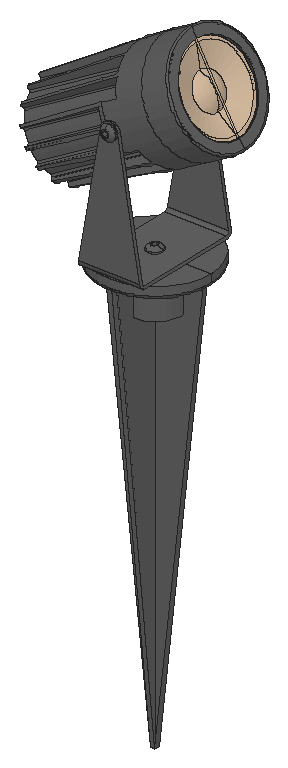
Revit family "STH7702_30", category Luminárias, Revit 2023
Family settings
  Cota do conector redondo = Utilizar diâmetro
  Tipo de parte = Normal
  Com base no plano de trabalho = Não
  Sempre na vertical = Sim
  Corte com vazios quando carregada = Não
  Fonte luminosa = Sim
  Manter orientação da anotação = Não
  Compartilhado = Não
  Ponto de cálculo do ambiente = Não
Parameters (values of type "STH7702/30 - BIVOLT")
  Ângulo de inclinação = -180.00°
  Ângulo de Abertura = "25°"
  Wattage = 1.00982 W
  Vidro = Vidro
  URL = "https://stella.com.br/"
  Troca de temperatura da cor de lâmpada com esmaecimento = <Nenhum>
  Tensão Elétrica = "100V-240V"
  built-in parameter 1150107 = 3000 (stored number, unit not read)
  Temperatura da cor (K) = 3000 K
  Referência = "STH7702/30"
  Potência = 3 W
  built-in parameter 1150110 = 1 (stored number, unit not read)
  built-in parameter 1150109 = 1 (stored number, unit not read)
  built-in parameter 1114218 = 1 (stored number, unit not read)
  built-in parameter 1150112 = 1 (stored number, unit not read)
  built-in parameter 1150113 = 1 (stored number, unit not read)
  built-in parameter 1150132 = 2
  built-in parameter 1150137 = (empty or 0)
  Modelo = "Focco"
  Luminoso = Luminoso - 3000K
  built-in parameter 1150106 = 3.3337 (stored number, unit not read)
  built-in parameter 1150102 = (empty or 0)
  built-in parameter 1150105 = 333.37 (stored number, unit not read)
  IRC (Índice de reprodução de cores) = ">80"
  Grau de proteção (IP) = "IP67"
  Fluxo Luminoso = 150 lm
  Color Filter = 16777215
  built-in parameter 1114217 = 1 (stored number, unit not read)
  built-in parameter 1150139 = (empty or 0)
  Fabricante = "Stella"
  Estrutura = Al - Preto
  Default Elevation = 0.00 m
  built-in parameter 1150104 = 13.8 (stored number, unit not read)
  Diâmetro do Spot = 0.04 m
  Dimerização = "Não dimerizável"
  built-in parameter 1150115 = 1 (stored number, unit not read)
  built-in parameter 1150114 = 1 (stored number, unit not read)
  Lumens = 150 lm
  built-in parameter 1150138 = (empty or 0)
  built-in parameter 1150134 = (empty or 0)
  Comprimento do Spot = 0.066 m
  Arquivo de rede fotométrica = "STELLA - STH7702-30 - FOCCO 3W.ies"
  Altura do espeto = 0.23 m
  built-in parameter 1150133 = 10 (stored number, unit not read)
Reference planes (m)
  plane 1 "Centro (Frente/Trás)": y = 0
  plane 2: z = 0.002924
  plane 3 "Centro (Esquerda/Direita)": x = 0
  plane 4: x = 0.0271
  plane 5: x = -0.0389
  plane 6: z = -0.157076
  plane 7: z = 0.072924
  plane 8 "Conector": z = 0.032924
  plane 9: y = 0.02
  plane 10: y = -0.02
Forms (m)
  Extrusion 1, solid, material "Al - Preto" <- "Estrutura"
    sketch origin (0, 0, 0) x (1, 0, 0) y (0, 0, 1)
      loop
        line (-0.01875, 0.002924) -> (-0.00075, -0.157076) -> (0.00075, -0.157076) -> (0.01875, 0.002924) -> (-0.01875, 0.002924)
    from -0.00075 to 0.00075
  Extrusion 2, solid, material "Al - Preto" <- "Estrutura"
    sketch origin (0, 0, 0) x (0, -1, 0) y (0, 0, 1)
      loop
        line (-0.01875, 0.002924) -> (-0.00075, -0.157076) -> (0.00075, -0.157076) -> (0.01875, 0.002924) -> (-0.01875, 0.002924)
    from -0.00075 to 0.00075
  Revolve 3, solid, material "Al - Preto" <- "Estrutura"
    sketch origin (-0.130451, 0, 0) x (1, 0, 0) y (0, 0, 1)
      loop
        arc (0.150451, 0.002924) -> (0.151158, 0.003217) -> (0.151451, 0.003924) r 0.001
        line (0.151451, 0.003924) -> (0.151451, 0.006924) -> (0.130451, 0.006924) -> (0.130451, 0.002924) -> (0.150451, 0.002924)
      axis (0.130451, 0.006924) -> (0.130451, 0.002924)
    angle from 0 to 360
  Extrusion 4, solid, material "Al - Preto" <- "Estrutura"
    sketch origin (0, 0, 0) x (0, 1, 0) y (0, 0, 1)
      loop
        line (0.021, 0.059424) -> (0.0202, 0.059424) -> (0.0202, 0.008924)
        arc (0.0202, 0.008924) -> (0.019849, 0.008076) -> (0.019, 0.007724) r 0.0012
        line (0.019, 0.007724) -> (-0.019, 0.007724)
        arc (-0.019, 0.007724) -> (-0.019849, 0.008076) -> (-0.0202, 0.008924) r 0.0012
        line (-0.0202, 0.008924) -> (-0.0202, 0.059424) -> (-0.021, 0.059424) -> (-0.021, 0.008924)
        arc (-0.021, 0.008924) -> (-0.020414, 0.00751) -> (-0.019, 0.006924) r 0.002
        line (-0.019, 0.006924) -> (0.019, 0.006924)
        arc (0.019, 0.006924) -> (0.020414, 0.00751) -> (0.021, 0.008924) r 0.002
        line (0.021, 0.008924) -> (0.021, 0.059424)
    from -0.013 to 0.013
  Extrusion 5, void
    sketch origin (0, 0, 0) x (1, 0, 0) y (0, 0, 1)
      loop
        line (0.003253, 0.056178) -> (0.011646, 0.006924) -> (0.014146, 0.006924) -> (0.014146, 0.06041) -> (-0.014146, 0.06041) -> (-0.014146, 0.006924) -> (-0.011646, 0.006924) -> (-0.003253, 0.056178)
        arc (-0.003253, 0.056178) -> (0, 0.058924) -> (0.003253, 0.056178) r 0.0033
      loop
        circle (0, 0.055624) r 0.0015
    from -0.021 to 0.021
  Revolve 6, solid, material "Al - Preto" <- "Estrutura"
    sketch origin (0, 0, 0) x (1, 0, 0) y (0, 0, 1)
      loop
        line (0, 0.002924) -> (0, -0.014288) -> (0.010974, -0.010076) -> (0.010974, 0.002924) -> (0, 0.002924)
      axis (0, 0.002924) -> (0, -0.014288)
    angle from 0 to 360
  Revolve 7, solid, material "Al - Preto" <- "Estrutura"
    sketch origin (0.027811, 0, 0.007452) x (0.866025, 0, 0.5) y (-0.5, 0, 0.866025)
      loop
        line (-0.0389, 0.055625) -> (0.014, 0.055625) -> (0.014, 0.073618)
        arc (0.014, 0.073618) -> (0.014966, 0.073622) -> (0.015931, 0.073624) r 0.320198
        line (0.015931, 0.073624) -> (0.0241, 0.073624) -> (0.0241, 0.071624) -> (0.0271, 0.071624) -> (0.0271, 0.07504)
        arc (0.0271, 0.07504) -> (0.026929, 0.075454) -> (0.026515, 0.075625) r 0.000585
        line (0.026515, 0.075625) -> (0.016, 0.075625)
        arc (0.016, 0.075625) -> (0.00729, 0.075507) -> (-0.001413, 0.075154) r 0.322173
        line (-0.001413, 0.075154) -> (-0.038368, 0.073153)
        arc (-0.038368, 0.073153) -> (-0.038746, 0.072979) -> (-0.0389, 0.072592) r 0.000562
        line (-0.0389, 0.072592) -> (-0.0389, 0.055625)
      axis (0.0271, 0.055625) -> (-0.0389, 0.055625)
    angle from 0 to 360
  Revolve 8, solid, material "Luminoso - 3000K" <- "Luminoso"
    sketch origin (0.027811, 0, 0.007452) x (0.866025, 0, 0.5) y (-0.5, 0, 0.866025)
      loop
        arc (0.025688, 0.055625) -> (0.024913, 0.059238) -> (0.022994, 0.062396) r 0.011088
        line (0.022994, 0.062396) -> (0.02615, 0.070363) -> (0.02615, 0.071624) -> (0.025334, 0.071624) -> (0.025334, 0.070709) -> (0.014613, 0.062864) -> (0.014613, 0.059156) -> (0.019557, 0.059156) -> (0.019557, 0.055625) -> (0.025688, 0.055625)
      axis (0.014613, 0.055625) -> (0.02615, 0.055625)
    angle from 0 to 360
  Revolve 9, solid, material "Vidro" <- "Vidro"
    sketch origin (0.027811, 0, 0.007452) x (0.866025, 0, 0.5) y (-0.5, 0, 0.866025)
      loop
        line (0.027, 0.071573) -> (0.0262, 0.071573) -> (0.0262, 0.055625) -> (0.027, 0.055625) -> (0.027, 0.071573)
      axis (0.0262, 0.055625) -> (0.0272, 0.055625)
    angle from 0 to 360
  Extrusion 10, void
    sketch origin (0.027204, 0.011565, 0.008503) x (-0.103956, 0.978148, 0.180057) y (-0.489074, -0.207912, 0.847101)
      loop
        line (0.002752, 0.071412) -> (0.003597, 0.076124)
        arc (0.003597, 0.076124) -> (0.000174, 0.076422) -> (-0.003251, 0.076155) r 0.020913
        line (-0.003251, 0.076155) -> (-0.002436, 0.071437)
        arc (-0.002436, 0.071437) -> (-0.002165, 0.071108) -> (-0.001757, 0.070986) r 0.000728
        arc (-0.001757, 0.070986) -> (0.000157, 0.071089) -> (0.002067, 0.070947) r 0.015
        arc (0.002067, 0.070947) -> (0.002482, 0.071073) -> (0.002752, 0.071412) r 0.000728
      loop
        line (-0.003321, 0.071302) -> (-0.00429, 0.07599)
        arc (-0.00429, 0.07599) -> (-0.007578, 0.074993) -> (-0.010658, 0.073471) r 0.020913
        line (-0.010658, 0.073471) -> (-0.008146, 0.069395)
        arc (-0.008146, 0.069395) -> (-0.007772, 0.069189) -> (-0.007347, 0.069229) r 0.000728
        arc (-0.007347, 0.069229) -> (-0.00561, 0.070036) -> (-0.003783, 0.070615) r 0.015
        arc (-0.003783, 0.070615) -> (-0.003445, 0.070887) -> (-0.003321, 0.071302) r 0.000728
      loop
        line (-0.008934, 0.068928) -> (-0.011584, 0.072915)
        arc (-0.011584, 0.072915) -> (-0.014261, 0.070762) -> (-0.01655, 0.0682) r 0.020913
        line (-0.01655, 0.0682) -> (-0.012698, 0.065357)
        arc (-0.012698, 0.065357) -> (-0.012274, 0.065307) -> (-0.011895, 0.065501) r 0.000728
        arc (-0.011895, 0.065501) -> (-0.010585, 0.066899) -> (-0.009107, 0.068119) r 0.015
        arc (-0.009107, 0.068119) -> (-0.008894, 0.068496) -> (-0.008934, 0.068928) r 0.000728
      loop
        line (0.008425, 0.069256) -> (0.010962, 0.073316)
        arc (0.010962, 0.073316) -> (0.007896, 0.074865) -> (0.004617, 0.075892) r 0.020913
        line (0.004617, 0.075892) -> (0.003619, 0.071209)
        arc (0.003619, 0.071209) -> (0.003747, 0.070802) -> (0.004082, 0.070537) r 0.000728
        arc (0.004082, 0.070537) -> (0.005896, 0.069921) -> (0.007617, 0.069079) r 0.015
        arc (0.007617, 0.069079) -> (0.008048, 0.069042) -> (0.008425, 0.069256) r 0.000728
      loop
        line (0.012942, 0.065075) -> (0.016822, 0.067879)
        arc (0.016822, 0.067879) -> (0.014565, 0.07047) -> (0.011916, 0.072657) r 0.020913
        line (0.011916, 0.072657) -> (0.009226, 0.068695)
        arc (0.009226, 0.068695) -> (0.009192, 0.06827) -> (0.009402, 0.067899) r 0.000728
        arc (0.009402, 0.067899) -> (0.01085, 0.066644) -> (0.012126, 0.065216) r 0.015
        arc (0.012126, 0.065216) -> (0.012512, 0.065018) -> (0.012942, 0.065075) r 0.000728
      loop
        line (0.015532, 0.059566) -> (0.020178, 0.060721)
        arc (0.020178, 0.060721) -> (0.019051, 0.063966) -> (0.017408, 0.066983) r 0.020913
        line (0.017408, 0.066983) -> (0.013435, 0.064311)
        arc (0.013435, 0.064311) -> (0.013245, 0.06393) -> (0.013301, 0.063507) r 0.000728
        arc (0.013301, 0.063507) -> (0.014177, 0.061803) -> (0.014828, 0.060001) r 0.015
        arc (0.014828, 0.060001) -> (0.015112, 0.059674) -> (0.015532, 0.059566) r 0.000728
      loop
        line (0.009509, 0.042728) -> (0.012331, 0.038861)
        arc (0.012331, 0.038861) -> (0.014912, 0.041129) -> (0.017086, 0.043789) r 0.020913
        line (0.017086, 0.043789) -> (0.013113, 0.04646)
        arc (0.013113, 0.04646) -> (0.012687, 0.046492) -> (0.012317, 0.046281) r 0.000728
        arc (0.012317, 0.046281) -> (0.011069, 0.044827) -> (0.009646, 0.043544) r 0.015
        arc (0.009646, 0.043544) -> (0.00945, 0.043157) -> (0.009509, 0.042728) r 0.000728
      loop
        line (0.00369, 0.040032) -> (0.004769, 0.035368)
        arc (0.004769, 0.035368) -> (0.008033, 0.036443) -> (0.011076, 0.038037) r 0.020913
        line (0.011076, 0.038037) -> (0.008468, 0.042052)
        arc (0.008468, 0.042052) -> (0.00809, 0.042249) -> (0.007666, 0.0422) r 0.000728
        arc (0.007666, 0.0422) -> (0.005948, 0.041351) -> (0.004136, 0.040729) r 0.015
        arc (0.004136, 0.040729) -> (0.003804, 0.04045) -> (0.00369, 0.040032) r 0.000728
      loop
        line (-0.002751, 0.039839) -> (-0.003596, 0.035127)
        arc (-0.003596, 0.035127) -> (-0.000173, 0.034829) -> (0.003252, 0.035096) r 0.020913
        line (0.003252, 0.035096) -> (0.002437, 0.039814)
        arc (0.002437, 0.039814) -> (0.002166, 0.040144) -> (0.001757, 0.040265) r 0.000728
        arc (0.001757, 0.040265) -> (-0.000156, 0.040162) -> (-0.002067, 0.040304) r 0.015
        arc (-0.002067, 0.040304) -> (-0.002481, 0.040178) -> (-0.002751, 0.039839) r 0.000728
      loop
        line (-0.008747, 0.042199) -> (-0.01138, 0.038201)
        arc (-0.01138, 0.038201) -> (-0.008351, 0.036579) -> (-0.005098, 0.035475) r 0.020913
        line (-0.005098, 0.035475) -> (-0.003989, 0.040133)
        arc (-0.003989, 0.040133) -> (-0.004108, 0.040542) -> (-0.004436, 0.040815) r 0.000728
        arc (-0.004436, 0.040815) -> (-0.006235, 0.041474) -> (-0.007935, 0.042357) r 0.015
        arc (-0.007935, 0.042357) -> (-0.008366, 0.042405) -> (-0.008747, 0.042199) r 0.000728
      loop
        line (-0.013311, 0.046704) -> (-0.017301, 0.044058)
        arc (-0.017301, 0.044058) -> (-0.01515, 0.041379) -> (-0.01259, 0.039087) r 0.020913
        line (-0.01259, 0.039087) -> (-0.009744, 0.042937)
        arc (-0.009744, 0.042937) -> (-0.009693, 0.04336) -> (-0.009887, 0.04374) r 0.000728
        arc (-0.009887, 0.04374) -> (-0.011284, 0.045052) -> (-0.012502, 0.04653) r 0.015
        arc (-0.012502, 0.04653) -> (-0.012879, 0.046743) -> (-0.013311, 0.046704) r 0.000728
      loop
        line (-0.015732, 0.05258) -> (-0.020436, 0.051693)
        arc (-0.020436, 0.051693) -> (-0.019497, 0.048388) -> (-0.018029, 0.045282) r 0.020913
        line (-0.018029, 0.045282) -> (-0.01391, 0.047723)
        arc (-0.01391, 0.047723) -> (-0.013698, 0.048093) -> (-0.01373, 0.048518) r 0.000728
        arc (-0.01373, 0.048518) -> (-0.014507, 0.050269) -> (-0.015054, 0.052105) r 0.015
        arc (-0.015054, 0.052105) -> (-0.015319, 0.052448) -> (-0.015732, 0.05258) r 0.000728
    from -0.0389 to 0.0051
  Revolve 11, solid, material "Al - Preto" <- "Estrutura"
    sketch origin (0, 0, -0.022396) x (0, 1, 0) y (0, 0, 1)
      loop
        line (-0.0132, 0.078018) -> (-0.0132, 0.079518) -> (-0.020742, 0.079518) -> (-0.020742, 0.080868) -> (-0.02158, 0.080868)
        arc (-0.02158, 0.080868) -> (-0.022319, 0.080248) -> (-0.02285, 0.079443) r 0.003351
        line (-0.02285, 0.079443) -> (-0.02285, 0.078018) -> (-0.0132, 0.078018)
      axis (-0.0132, 0.078018) -> (-0.02285, 0.078018)
    angle from 0 to 360
  Extrusion 12, void
    sketch origin (0.027204, 0.011565, 0.008503) x (-0.103956, 0.978148, 0.180057) y (-0.489074, -0.207912, 0.847101)
      loop
        line (-0.013285, 0.064586) -> (-0.01724, 0.067283)
        arc (-0.01724, 0.067283) -> (-0.01891, 0.064281) -> (-0.020066, 0.061045) r 0.020913
        line (-0.020066, 0.061045) -> (-0.015427, 0.059862)
        arc (-0.015427, 0.059862) -> (-0.015016, 0.059974) -> (-0.014738, 0.060297) r 0.000728
        arc (-0.014738, 0.060297) -> (-0.01405, 0.062086) -> (-0.01314, 0.063772) r 0.015
        arc (-0.01314, 0.063772) -> (-0.013085, 0.064202) -> (-0.013285, 0.064586) r 0.000728
      loop
        line (0.015864, 0.053364) -> (0.0206, 0.052666)
        arc (0.0206, 0.052666) -> (0.020792, 0.056096) -> (0.020419, 0.059512) r 0.020913
        line (0.020419, 0.059512) -> (0.015729, 0.058551)
        arc (0.015729, 0.058551) -> (0.015407, 0.05827) -> (0.015298, 0.057858) r 0.000728
        arc (0.015298, 0.057858) -> (0.015461, 0.055949) -> (0.015378, 0.054034) r 0.015
        arc (0.015378, 0.054034) -> (0.015517, 0.053624) -> (0.015864, 0.053364) r 0.000728
      loop
        line (0.013775, 0.047438) -> (0.017878, 0.044972)
        arc (0.017878, 0.044972) -> (0.019374, 0.048065) -> (0.020343, 0.051361) r 0.020913
        line (0.020343, 0.051361) -> (0.015644, 0.052277)
        arc (0.015644, 0.052277) -> (0.01524, 0.052142) -> (0.01498, 0.051803) r 0.000728
        arc (0.01498, 0.051803) -> (0.014396, 0.049978) -> (0.013584, 0.048243) r 0.015
        arc (0.013584, 0.048243) -> (0.013554, 0.047811) -> (0.013775, 0.047438) r 0.000728
      loop
        line (-0.015694, 0.058864) -> (-0.020377, 0.059854)
        arc (-0.020377, 0.059854) -> (-0.020781, 0.056442) -> (-0.02062, 0.053011) r 0.020913
        line (-0.02062, 0.053011) -> (-0.015879, 0.053679)
        arc (-0.015879, 0.053679) -> (-0.015542, 0.05394) -> (-0.015407, 0.054344) r 0.000728
        arc (-0.015407, 0.054344) -> (-0.015451, 0.05626) -> (-0.01525, 0.058165) r 0.015
        arc (-0.01525, 0.058165) -> (-0.015363, 0.058584) -> (-0.015694, 0.058864) r 0.000728
    from -0.0389 to -0.003023
  Extrusion 13, void
    sketch origin (0, 0, 0) x (1, 0, 0) y (0, 0, 1)
      loop
        line (-0.000531, 0.056711) -> (-0.001209, 0.055706) -> (-0.000677, 0.054617) -> (0.000531, 0.054533) -> (0.001209, 0.055537) -> (0.000677, 0.056626) -> (-0.000531, 0.056711)
    from 0.021 to 0.023202
  Revolve 14, solid, material "Al - Preto" <- "Estrutura"
    sketch origin (0, 0, -0.022396) x (0, -1, 0) y (0, 0, -1)
      loop
        line (-0.0132, -0.078018) -> (-0.02285, -0.078018) -> (-0.02285, -0.079443)
        arc (-0.02285, -0.079443) -> (-0.022319, -0.080248) -> (-0.02158, -0.080868) r 0.003351
        line (-0.02158, -0.080868) -> (-0.020742, -0.080868) -> (-0.020742, -0.079518) -> (-0.0132, -0.079518) -> (-0.0132, -0.078018)
      axis (-0.0132, -0.078018) -> (-0.02285, -0.078018)
    angle from 0 to 360
  Extrusion 15, void
    sketch origin (0, 0, 0) x (1, 0, 0) y (0, 0, -1)
      loop
        line (-0.000531, -0.056711) -> (0.000677, -0.056626) -> (0.001209, -0.055537) -> (0.000531, -0.054533) -> (-0.000677, -0.054617) -> (-0.001209, -0.055706) -> (-0.000531, -0.056711)
    from 0.021 to 0.023202
  Revolve 16, solid, material "Al - Preto" <- "Estrutura"
    sketch origin (0, 0, 0.0008) x (1, 0, 0) y (0, 0, 1)
      loop
        line (0, 0.008574) -> (0, -0.001076) -> (0.0015, -0.001076) -> (0.0015, 0.006504) -> (0.00285, 0.006504) -> (0.00285, 0.007304)
        arc (0.00285, 0.007304) -> (0.00223, 0.008043) -> (0.001425, 0.008574) r 0.003351
        line (0.001425, 0.008574) -> (0, 0.008574)
      axis (0, 0.008574) -> (0, -0.001076)
    angle from 0 to 360
  Extrusion 17, void
    sketch origin (0, 0, 0.002924) x (1, 0, 0) y (0, 1, 0)
      loop
        line (0.0012, 0) -> (0.0006, 0.001039) -> (-0.0006, 0.001039) -> (-0.0012, 0) -> (-0.0006, -0.001039) -> (0.0006, -0.001039) -> (0.0012, 0)
    from 0.005618 to 0.00645
  Revolve 18, solid, material "Al - Preto" <- "Estrutura", not visible
    sketch origin (0, 0, 0) x (1, 0, 0) y (0, 0, 1)
      loop
        line (-0.0389, 0.055625) -> (0.014, 0.055625) -> (0.014, 0.073618)
        arc (0.014, 0.073618) -> (0.014966, 0.073622) -> (0.015931, 0.073624) r 0.320198
        line (0.015931, 0.073624) -> (0.0241, 0.073624) -> (0.0241, 0.071624) -> (0.0271, 0.071624) -> (0.0271, 0.07504)
        arc (0.0271, 0.07504) -> (0.026929, 0.075454) -> (0.026515, 0.075625) r 0.000585
        line (0.026515, 0.075625) -> (0.016, 0.075625)
        arc (0.016, 0.075625) -> (0.00729, 0.075507) -> (-0.001413, 0.075154) r 0.322173
        line (-0.001413, 0.075154) -> (-0.038368, 0.073153)
        arc (-0.038368, 0.073153) -> (-0.038746, 0.072979) -> (-0.0389, 0.072592) r 0.000562
        line (-0.0389, 0.072592) -> (-0.0389, 0.055625)
      axis (0.0271, 0.055625) -> (-0.0389, 0.055625)
    angle from 0 to 360
  Revolve 19, solid, material "Luminoso - 3000K" <- "Luminoso", not visible
    sketch origin (0, 0, 0) x (1, 0, 0) y (0, 0, 1)
      loop
        arc (0.025688, 0.055625) -> (0.024913, 0.059238) -> (0.022994, 0.062396) r 0.011088
        line (0.022994, 0.062396) -> (0.02615, 0.070363) -> (0.02615, 0.071624) -> (0.025334, 0.071624) -> (0.025334, 0.070709) -> (0.014613, 0.062864) -> (0.014613, 0.059156) -> (0.019557, 0.059156) -> (0.019557, 0.055625) -> (0.025688, 0.055625)
      axis (0.014613, 0.055625) -> (0.02615, 0.055625)
    angle from 0 to 360
  Revolve 20, solid, material "Vidro" <- "Vidro", not visible
    sketch origin (0, 0, 0) x (1, 0, 0) y (0, 0, 1)
      loop
        line (0.027, 0.071573) -> (0.0262, 0.071573) -> (0.0262, 0.055625) -> (0.027, 0.055625) -> (0.027, 0.071573)
      axis (0.0262, 0.055625) -> (0.0272, 0.055625)
    angle from 0 to 360
  Extrusion 21, void, not visible
    sketch origin (0, 0.011565, 0.001213) x (0, 0.978148, 0.207912) y (0, -0.207912, 0.978148)
      loop
        line (0.002752, 0.071412) -> (0.003597, 0.076124)
        arc (0.003597, 0.076124) -> (0.000174, 0.076422) -> (-0.003251, 0.076155) r 0.020913
        line (-0.003251, 0.076155) -> (-0.002436, 0.071437)
        arc (-0.002436, 0.071437) -> (-0.002165, 0.071108) -> (-0.001757, 0.070986) r 0.000728
        arc (-0.001757, 0.070986) -> (0.000157, 0.071089) -> (0.002067, 0.070947) r 0.015
        arc (0.002067, 0.070947) -> (0.002482, 0.071073) -> (0.002752, 0.071412) r 0.000728
      loop
        line (-0.003321, 0.071302) -> (-0.00429, 0.07599)
        arc (-0.00429, 0.07599) -> (-0.007578, 0.074993) -> (-0.010658, 0.073471) r 0.020913
        line (-0.010658, 0.073471) -> (-0.008146, 0.069395)
        arc (-0.008146, 0.069395) -> (-0.007772, 0.069189) -> (-0.007347, 0.069229) r 0.000728
        arc (-0.007347, 0.069229) -> (-0.00561, 0.070036) -> (-0.003783, 0.070615) r 0.015
        arc (-0.003783, 0.070615) -> (-0.003445, 0.070887) -> (-0.003321, 0.071302) r 0.000728
      loop
        line (-0.008934, 0.068928) -> (-0.011584, 0.072915)
        arc (-0.011584, 0.072915) -> (-0.014261, 0.070762) -> (-0.01655, 0.0682) r 0.020913
        line (-0.01655, 0.0682) -> (-0.012698, 0.065357)
        arc (-0.012698, 0.065357) -> (-0.012274, 0.065307) -> (-0.011895, 0.065501) r 0.000728
        arc (-0.011895, 0.065501) -> (-0.010585, 0.066899) -> (-0.009107, 0.068119) r 0.015
        arc (-0.009107, 0.068119) -> (-0.008894, 0.068496) -> (-0.008934, 0.068928) r 0.000728
      loop
        line (0.008425, 0.069256) -> (0.010962, 0.073316)
        arc (0.010962, 0.073316) -> (0.007896, 0.074865) -> (0.004617, 0.075892) r 0.020913
        line (0.004617, 0.075892) -> (0.003619, 0.071209)
        arc (0.003619, 0.071209) -> (0.003747, 0.070802) -> (0.004082, 0.070537) r 0.000728
        arc (0.004082, 0.070537) -> (0.005896, 0.069921) -> (0.007617, 0.069079) r 0.015
        arc (0.007617, 0.069079) -> (0.008048, 0.069042) -> (0.008425, 0.069256) r 0.000728
      loop
        line (0.012942, 0.065075) -> (0.016822, 0.067879)
        arc (0.016822, 0.067879) -> (0.014565, 0.07047) -> (0.011916, 0.072657) r 0.020913
        line (0.011916, 0.072657) -> (0.009226, 0.068695)
        arc (0.009226, 0.068695) -> (0.009192, 0.06827) -> (0.009402, 0.067899) r 0.000728
        arc (0.009402, 0.067899) -> (0.01085, 0.066644) -> (0.012126, 0.065216) r 0.015
        arc (0.012126, 0.065216) -> (0.012512, 0.065018) -> (0.012942, 0.065075) r 0.000728
      loop
        line (0.015532, 0.059566) -> (0.020178, 0.060721)
        arc (0.020178, 0.060721) -> (0.019051, 0.063966) -> (0.017408, 0.066983) r 0.020913
        line (0.017408, 0.066983) -> (0.013435, 0.064311)
        arc (0.013435, 0.064311) -> (0.013245, 0.06393) -> (0.013301, 0.063507) r 0.000728
        arc (0.013301, 0.063507) -> (0.014177, 0.061803) -> (0.014828, 0.060001) r 0.015
        arc (0.014828, 0.060001) -> (0.015112, 0.059674) -> (0.015532, 0.059566) r 0.000728
      loop
        line (0.009509, 0.042728) -> (0.012331, 0.038861)
        arc (0.012331, 0.038861) -> (0.014912, 0.041129) -> (0.017086, 0.043789) r 0.020913
        line (0.017086, 0.043789) -> (0.013113, 0.04646)
        arc (0.013113, 0.04646) -> (0.012687, 0.046492) -> (0.012317, 0.046281) r 0.000728
        arc (0.012317, 0.046281) -> (0.011069, 0.044827) -> (0.009646, 0.043544) r 0.015
        arc (0.009646, 0.043544) -> (0.00945, 0.043157) -> (0.009509, 0.042728) r 0.000728
      loop
        line (0.00369, 0.040032) -> (0.004769, 0.035368)
        arc (0.004769, 0.035368) -> (0.008033, 0.036443) -> (0.011076, 0.038037) r 0.020913
        line (0.011076, 0.038037) -> (0.008468, 0.042052)
        arc (0.008468, 0.042052) -> (0.00809, 0.042249) -> (0.007666, 0.0422) r 0.000728
        arc (0.007666, 0.0422) -> (0.005948, 0.041351) -> (0.004136, 0.040729) r 0.015
        arc (0.004136, 0.040729) -> (0.003804, 0.04045) -> (0.00369, 0.040032) r 0.000728
      loop
        line (-0.002751, 0.039839) -> (-0.003596, 0.035127)
        arc (-0.003596, 0.035127) -> (-0.000173, 0.034829) -> (0.003252, 0.035096) r 0.020913
        line (0.003252, 0.035096) -> (0.002437, 0.039814)
        arc (0.002437, 0.039814) -> (0.002166, 0.040144) -> (0.001757, 0.040265) r 0.000728
        arc (0.001757, 0.040265) -> (-0.000156, 0.040162) -> (-0.002067, 0.040304) r 0.015
        arc (-0.002067, 0.040304) -> (-0.002481, 0.040178) -> (-0.002751, 0.039839) r 0.000728
      loop
        line (-0.008747, 0.042199) -> (-0.01138, 0.038201)
        arc (-0.01138, 0.038201) -> (-0.008351, 0.036579) -> (-0.005098, 0.035475) r 0.020913
        line (-0.005098, 0.035475) -> (-0.003989, 0.040133)
        arc (-0.003989, 0.040133) -> (-0.004108, 0.040542) -> (-0.004436, 0.040815) r 0.000728
        arc (-0.004436, 0.040815) -> (-0.006235, 0.041474) -> (-0.007935, 0.042357) r 0.015
        arc (-0.007935, 0.042357) -> (-0.008366, 0.042405) -> (-0.008747, 0.042199) r 0.000728
      loop
        line (-0.013311, 0.046704) -> (-0.017301, 0.044058)
        arc (-0.017301, 0.044058) -> (-0.01515, 0.041379) -> (-0.01259, 0.039087) r 0.020913
        line (-0.01259, 0.039087) -> (-0.009744, 0.042937)
        arc (-0.009744, 0.042937) -> (-0.009693, 0.04336) -> (-0.009887, 0.04374) r 0.000728
        arc (-0.009887, 0.04374) -> (-0.011284, 0.045052) -> (-0.012502, 0.04653) r 0.015
        arc (-0.012502, 0.04653) -> (-0.012879, 0.046743) -> (-0.013311, 0.046704) r 0.000728
      loop
        line (-0.015732, 0.05258) -> (-0.020436, 0.051693)
        arc (-0.020436, 0.051693) -> (-0.019497, 0.048388) -> (-0.018029, 0.045282) r 0.020913
        line (-0.018029, 0.045282) -> (-0.01391, 0.047723)
        arc (-0.01391, 0.047723) -> (-0.013698, 0.048093) -> (-0.01373, 0.048518) r 0.000728
        arc (-0.01373, 0.048518) -> (-0.014507, 0.050269) -> (-0.015054, 0.052105) r 0.015
        arc (-0.015054, 0.052105) -> (-0.015319, 0.052448) -> (-0.015732, 0.05258) r 0.000728
    from -0.0389 to 0.0051
  Extrusion 22, void, not visible
    sketch origin (0, 0.011565, 0.001213) x (0, 0.978148, 0.207912) y (0, -0.207912, 0.978148)
      loop
        line (-0.013285, 0.064586) -> (-0.01724, 0.067283)
        arc (-0.01724, 0.067283) -> (-0.01891, 0.064281) -> (-0.020066, 0.061045) r 0.020913
        line (-0.020066, 0.061045) -> (-0.015427, 0.059862)
        arc (-0.015427, 0.059862) -> (-0.015016, 0.059974) -> (-0.014738, 0.060297) r 0.000728
        arc (-0.014738, 0.060297) -> (-0.01405, 0.062086) -> (-0.01314, 0.063772) r 0.015
        arc (-0.01314, 0.063772) -> (-0.013085, 0.064202) -> (-0.013285, 0.064586) r 0.000728
      loop
        line (0.015864, 0.053364) -> (0.0206, 0.052666)
        arc (0.0206, 0.052666) -> (0.020792, 0.056096) -> (0.020419, 0.059512) r 0.020913
        line (0.020419, 0.059512) -> (0.015729, 0.058551)
        arc (0.015729, 0.058551) -> (0.015407, 0.05827) -> (0.015298, 0.057858) r 0.000728
        arc (0.015298, 0.057858) -> (0.015461, 0.055949) -> (0.015378, 0.054034) r 0.015
        arc (0.015378, 0.054034) -> (0.015517, 0.053624) -> (0.015864, 0.053364) r 0.000728
      loop
        line (0.013775, 0.047438) -> (0.017878, 0.044972)
        arc (0.017878, 0.044972) -> (0.019374, 0.048065) -> (0.020343, 0.051361) r 0.020913
        line (0.020343, 0.051361) -> (0.015644, 0.052277)
        arc (0.015644, 0.052277) -> (0.01524, 0.052142) -> (0.01498, 0.051803) r 0.000728
        arc (0.01498, 0.051803) -> (0.014396, 0.049978) -> (0.013584, 0.048243) r 0.015
        arc (0.013584, 0.048243) -> (0.013554, 0.047811) -> (0.013775, 0.047438) r 0.000728
      loop
        line (-0.015694, 0.058864) -> (-0.020377, 0.059854)
        arc (-0.020377, 0.059854) -> (-0.020781, 0.056442) -> (-0.02062, 0.053011) r 0.020913
        line (-0.02062, 0.053011) -> (-0.015879, 0.053679)
        arc (-0.015879, 0.053679) -> (-0.015542, 0.05394) -> (-0.015407, 0.054344) r 0.000728
        arc (-0.015407, 0.054344) -> (-0.015451, 0.05626) -> (-0.01525, 0.058165) r 0.015
        arc (-0.01525, 0.058165) -> (-0.015363, 0.058584) -> (-0.015694, 0.058864) r 0.000728
    from -0.0389 to -0.003023
Cuts and joins
  Extrusion 5, Extrusion 17 cuts Extrusion 4
  Extrusion 17 cuts Revolve 16
  joined: Extrusion 4, Revolve 16
  Extrusion 17 cuts Extrusion 1
  Extrusion 5, Extrusion 17 cuts Revolve 3
  joined: Extrusion 1, Extrusion 2, Revolve 3
  Extrusion 10, Extrusion 12, Extrusion 13 cuts Revolve 7
  Extrusion 13, Extrusion 15 cuts Revolve 11
  Extrusion 15 cuts Revolve 14
  Extrusion 17 cuts Revolve 6
Lines and regions (m)
  symbolic lines
    curve 1: line (0, 0, 0.075546) -> (0, 0, 0.035705)
    curve 2: line (0, 0, 0.075625) -> (0, 0, 0.035626)
    curve 3: line (0, 0, 0.056622) -> (0, 0, 0.054622)
Dimensions and locks (m)
  "Altura do espeto": plane 7 to plane 6
  plane 7 to plane 8 "Conector" = 0.04 m
  "Diâmetro do Spot": plane 9 to plane 10
  "Comprimento do Spot": plane 5 to plane 4
  aligned and locked: level to plane 2
Automatic sketch dimensions
  curve 1 to plane 1 "Centro (Frente/Trás)" = 0.00 m
  curve 2 to plane 1 "Centro (Frente/Trás)" = 0.00 m
  curve 2 to plane 8 "Conector" = 0.002702 m
  curve 2 to curve 1 = 0.000079 m
  plane 7 to curve 1 = 0.002622 m
  curve 1 to curve 2 = 0.000079 m
  curve 3 to plane 3 "Centro (Esquerda/Direita)" = 0.00 m
  curve 3 to plane 7 = 0.018302 m
  curve 3 to curve 3 = 0.002 m
  Extrusion 1 sketch curve to level = 0.00 m
  Extrusion 1 sketch curve to plane 6 = 0.00 m
  Extrusion 1 sketch curve to plane 3 "Centro (Esquerda/Direita)" = 0.01875 m
  Extrusion 1 sketch curve to plane 3 "Centro (Esquerda/Direita)" = 0.00075 m
  plane 3 "Centro (Esquerda/Direita)" to Extrusion 1 sketch curve = 0.00075 m
  plane 4 to Extrusion 1 sketch curve = 0.00835 m
  Extrusion 2 sketch curve to level = 0.00 m
  Extrusion 2 sketch curve to plane 6 = 0.00 m
  Extrusion 2 sketch curve to plane 1 "Centro (Frente/Trás)" = 0.00075 m
  plane 1 "Centro (Frente/Trás)" to Extrusion 2 sketch curve = 0.00075 m
  Revolve 3 sketch curve to plane 3 "Centro (Esquerda/Direita)" = 0.00 m  (x2)
  Revolve 3 sketch curve to level = 0.00 m
  plane 4 to Revolve 3 sketch curve = 0.0071 m
  Revolve 3 sketch curve to Revolve 3 sketch curve = 0.001 m
  Revolve 3 sketch curve to Revolve 3 sketch curve = 0.004 m
  Revolve 3 sketch curve to level = 0.00198 m
  Revolve 3 sketch curve to Revolve 3 sketch curve = 0.00245 m
  Extrusion 4 sketch curve to Extrusion 4 sketch curve = 0.00 m  (x6)
  Extrusion 4 sketch curve to Extrusion 4 sketch curve = 0.0008 m
  Extrusion 4 sketch curve to Extrusion 4 sketch curve = 0.0012 m  (x2)
  level to Extrusion 4 sketch curve = 0.004 m
  Extrusion 4 sketch curve to plane 7 = 0.0135 m  (x2)
  Extrusion 5 sketch curve to Extrusion 5 sketch curve = 0.00 m  (x2)
  Extrusion 5 sketch curve to plane 3 "Centro (Esquerda/Direita)" = 0.00 m
  Extrusion 5 sketch curve to plane 3 "Centro (Esquerda/Direita)" = 0.003253 m
  level to Extrusion 5 sketch curve = 0.004 m  (x2)
  Extrusion 5 sketch curve to plane 3 "Centro (Esquerda/Direita)" = 0.011646 m
  Extrusion 5 sketch curve to Extrusion 5 sketch curve = 0.010893 m
  plane 3 "Centro (Esquerda/Direita)" to Extrusion 5 sketch curve = 0.003253 m
  plane 3 "Centro (Esquerda/Direita)" to Extrusion 5 sketch curve = 0.011646 m
  Extrusion 5 sketch curve to Extrusion 5 sketch curve = 0.0025 m
  Extrusion 5 sketch curve to plane 7 = 0.0173 m
  Extrusion 5 sketch curve to Extrusion 5 sketch curve = 0.000554 m
  Extrusion 5 sketch curve to Extrusion 5 sketch curve = 0.004232 m
  Revolve 6 sketch curve to plane 3 "Centro (Esquerda/Direita)" = 0.00 m  (x2)
  Revolve 6 sketch curve to level = 0.00 m
  plane 3 "Centro (Esquerda/Direita)" to Revolve 6 sketch curve = 0.010974 m
  Revolve 6 sketch curve to Revolve 6 sketch curve = 0.013 m
  Revolve 6 sketch curve to Revolve 6 sketch curve = 0.004213 m
  Revolve 6 sketch curve to Revolve 6 sketch curve = 0.002507 m
  level to Revolve 6 sketch curve = 0.002857 m
  Revolve 11 sketch curve to Revolve 11 sketch curve = 0.006617 m
  Revolve 11 sketch curve to plane 7 = 0.017302 m
  Revolve 11 sketch curve to Revolve 11 sketch curve = 0.00 m  (x2)
  Revolve 11 sketch curve to Revolve 11 sketch curve = 0.001425 m
  Revolve 11 sketch curve to Revolve 11 sketch curve = 0.00135 m
  Revolve 11 sketch curve to Revolve 11 sketch curve = 0.001666 m
  Revolve 11 sketch curve to Revolve 11 sketch curve = 0.000946 m
  Extrusion 13 sketch curve to plane 3 "Centro (Esquerda/Direita)" = 0.001209 m
  Extrusion 13 sketch curve to plane 3 "Centro (Esquerda/Direita)" = 0.000677 m
  Extrusion 13 sketch curve to plane 3 "Centro (Esquerda/Direita)" = 0.000531 m
  plane 3 "Centro (Esquerda/Direita)" to Extrusion 13 sketch curve = 0.000531 m
  plane 3 "Centro (Esquerda/Direita)" to Extrusion 13 sketch curve = 0.000677 m
  plane 3 "Centro (Esquerda/Direita)" to Extrusion 13 sketch curve = 0.001209 m
  Extrusion 13 sketch curve to plane 7 = 0.018391 m
  Extrusion 13 sketch curve to Extrusion 13 sketch curve = 0.000085 m
  Extrusion 13 sketch curve to Extrusion 13 sketch curve = 0.001004 m  (x2)
  Extrusion 13 sketch curve to Extrusion 13 sketch curve = 0.001089 m  (x2)
  Revolve 14 sketch curve to Revolve 14 sketch curve = 0.006617 m
  Revolve 14 sketch curve to plane 7 = 0.014452 m
  Revolve 14 sketch curve to Revolve 14 sketch curve = 0.00135 m
  Revolve 14 sketch curve to Revolve 14 sketch curve = 0.001425 m  (x2)
  Revolve 14 sketch curve to Revolve 14 sketch curve = 0.001666 m
  Revolve 14 sketch curve to Revolve 14 sketch curve = 0.000946 m
  Revolve 14 sketch curve to Revolve 14 sketch curve = 0.00 m
  Extrusion 15 sketch curve to plane 3 "Centro (Esquerda/Direita)" = 0.001209 m
  Extrusion 15 sketch curve to plane 3 "Centro (Esquerda/Direita)" = 0.000677 m
  Extrusion 15 sketch curve to plane 3 "Centro (Esquerda/Direita)" = 0.000531 m
  plane 3 "Centro (Esquerda/Direita)" to Extrusion 15 sketch curve = 0.000531 m
  plane 3 "Centro (Esquerda/Direita)" to Extrusion 15 sketch curve = 0.000677 m
  plane 3 "Centro (Esquerda/Direita)" to Extrusion 15 sketch curve = 0.001209 m
  Extrusion 15 sketch curve to plane 7 = 0.016214 m
  Extrusion 15 sketch curve to Extrusion 15 sketch curve = 0.000085 m
  Extrusion 15 sketch curve to Extrusion 15 sketch curve = 0.001004 m  (x2)
  Extrusion 15 sketch curve to Extrusion 15 sketch curve = 0.001089 m  (x2)
  Revolve 16 sketch curve to plane 3 "Centro (Esquerda/Direita)" = 0.00 m  (x3)
  Revolve 16 sketch curve to Revolve 16 sketch curve = 0.001425 m
  plane 3 "Centro (Esquerda/Direita)" to Revolve 16 sketch curve = 0.0015 m
  Revolve 16 sketch curve to Revolve 16 sketch curve = 0.00135 m
  Revolve 16 sketch curve to level = 0.0032 m
  level to Revolve 16 sketch curve = 0.003417 m
  Revolve 16 sketch curve to Revolve 16 sketch curve = 0.000963 m
  Revolve 16 sketch curve to Revolve 16 sketch curve = 0.0008 m
  Revolve 16 sketch curve to Revolve 16 sketch curve = 0.001071 m
  Revolve 16 sketch curve to Revolve 16 sketch curve = 0.001067 m
  plane 1 "Centro (Frente/Trás)" to Extrusion 17 sketch curve = 0.00 m  (x2)
  Extrusion 17 sketch curve to plane 3 "Centro (Esquerda/Direita)" = 0.0012 m
  Extrusion 17 sketch curve to plane 3 "Centro (Esquerda/Direita)" = 0.0006 m  (x2)
  plane 3 "Centro (Esquerda/Direita)" to Extrusion 17 sketch curve = 0.0006 m  (x2)
  Extrusion 17 sketch curve to Extrusion 17 sketch curve = 0.0006 m
  plane 1 "Centro (Frente/Trás)" to Extrusion 17 sketch curve = 0.001039 m
  Extrusion 17 sketch curve to plane 1 "Centro (Frente/Trás)" = 0.001039 m
  Extrusion 2 sketch curve to plane 1 "Centro (Frente/Trás)" = 0.01875 m
  Extrusion 4 sketch curve to plane 1 "Centro (Frente/Trás)" = 0.019 m
  Revolve 14 sketch curve to plane 1 "Centro (Frente/Trás)" = 0.02285 m
  Revolve 14 sketch curve to Revolve 14 sketch curve = 0.00127 m
  Revolve 14 sketch curve to Revolve 14 sketch curve = 0.000838 m
  Revolve 14 sketch curve to Revolve 14 sketch curve = 0.000926 m
  plane 1 "Centro (Frente/Trás)" to Extrusion 2 sketch curve = 0.01875 m
  plane 1 "Centro (Frente/Trás)" to Extrusion 4 sketch curve = 0.019 m
  plane 1 "Centro (Frente/Trás)" to Revolve 11 sketch curve = 0.02285 m
  Revolve 11 sketch curve to Revolve 11 sketch curve = 0.00127 m
  Revolve 11 sketch curve to Revolve 11 sketch curve = 0.000838 m
  Revolve 11 sketch curve to Revolve 11 sketch curve = 0.000926 m
  radius of Extrusion 5 sketch curve = 0.0015 m
Connectors (m)
  electrical at (-0.0389, 0, 0.032924)
    settings: index 1, voltage 0 V, apparent load 0 VA, apparent load phase1 0 VA, apparent load phase2 0 VA, apparent load phase3 0 VA, power factor 1, load classification "Outro", number of poles 1, system type 31, power factor state 1, is connector primary yes, connector utility no, sub classification motor no, connector description ""
